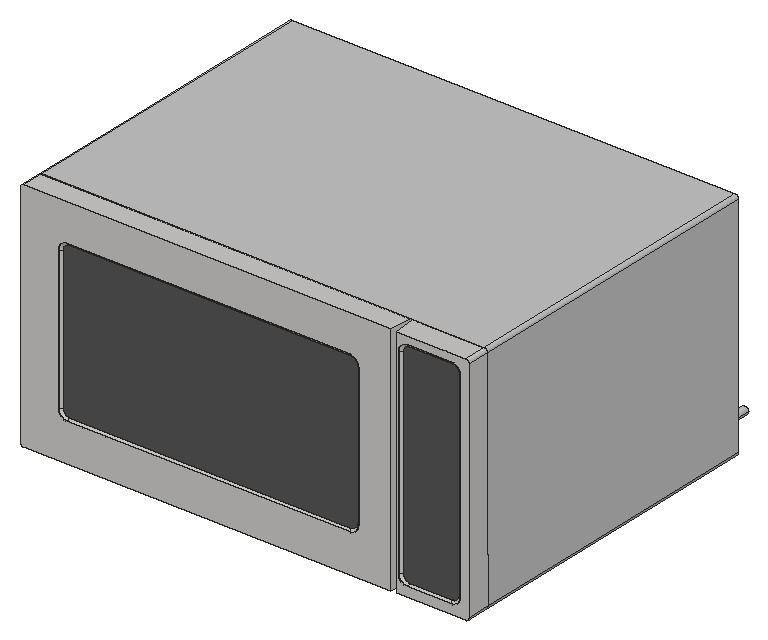
Revit family "FP_Revit_18_MO-24SS-3Y_Microwave_90000929A", category Specialty Equipment, Revit 2018
Family settings
  Round Connector Dimension = Use Diameter
  Part Type = Normal
  OmniClass Number = 23.40.40.14.17.31
  OmniClass Title = Small Specialized Cooking Equipment
  Work Plane-Based = No
  Always vertical = Yes
  Cut with Voids When Loaded = Yes
  Shared = No
  Room Calculation Point = No
Parameters
  Visibility - Clearance Required = yes
  URL = "www.fisherpaykel.com"
  Product - Width = 609 mm  # constant formula
  Product - Height = 340 mm  # constant formula
  Product - Depth = 485 mm  # constant formula
  Model = "MO-24SS-3Y"
  Material - Glass = Fisher & Paykel - Glass, Black
  Material - Front = Fisher & Paykel - Stainless Steel
  Material - Body = Fisher & Paykel - Grey
  Manufacturer = "Fisher & Paykel Appliances"
  FFL Offset [instance] = 860 mm
  Description = "24\" Microwave"
  Connector Note - Electrical = "120 V, 60 Hz, 15 A"
Reference planes
  plane 1 "Datum": y = 0
  plane 2: z = 0
  plane 3 "Center (Left/Right)": x = 0
  plane 4 "Top": z = 1200
  plane 5 "Product LHS": x = -304.5
  plane 6 "Product RHS": x = 304.5
  plane 7 "Product - Depth": y = 485
  plane 8 "FFL Offset": z = 860
  plane 9 "Base": z = 882.225
Forms (mm)
  Extrusion 1, solid, material "Fisher & Paykel - Stainless Steel" <- "Material - Front"
    sketch origin (0, 0, 0) x (1, 0, 0) y (0, 0, 1)
      loop
        arc (-299.5, 1200) -> (-303.036, 1198.536) -> (-304.5, 1195) r 5
        line (-304.5, 1195) -> (-304.5, 887.225)
        arc (-304.5, 887.225) -> (-303.036, 883.689) -> (-299.5, 882.225) r 5
        line (-299.5, 882.225) -> (299.5, 882.225)
        arc (299.5, 882.225) -> (303.036, 883.689) -> (304.5, 887.225) r 5
        line (304.5, 887.225) -> (304.5, 1195)
        arc (304.5, 1195) -> (303.036, 1198.536) -> (299.5, 1200) r 5
        line (299.5, 1200) -> (-299.5, 1200)
      loop
        arc (-240.72, 1149.623) -> (-249.205, 1146.109) -> (-252.72, 1137.623) r 12
        line (-252.72, 1137.623) -> (-252.72, 945.723)
        arc (-252.72, 945.723) -> (-249.205, 937.238) -> (-240.72, 933.723) r 12
        line (-240.72, 933.723) -> (141.68, 933.723)
        arc (141.68, 933.723) -> (150.165, 937.238) -> (153.68, 945.723) r 12
        line (153.68, 945.723) -> (153.68, 1137.623)
        arc (153.68, 1137.623) -> (150.165, 1146.109) -> (141.68, 1149.623) r 12
        line (141.68, 1149.623) -> (-240.72, 1149.623)
      loop
        arc (220.29, 1188.422) -> (211.805, 1184.907) -> (208.29, 1176.422) r 12
        line (208.29, 1176.422) -> (208.29, 906.925)
        arc (208.29, 906.925) -> (211.805, 898.44) -> (220.29, 894.925) r 12
        line (220.29, 894.925) -> (279.63, 894.925)
        arc (279.63, 894.925) -> (288.115, 898.44) -> (291.63, 906.925) r 12
        line (291.63, 906.925) -> (291.63, 1176.422)
        arc (291.63, 1176.422) -> (288.115, 1184.907) -> (279.63, 1188.422) r 12
        line (279.63, 1188.422) -> (220.29, 1188.422)
    from -30.162 to 0
  Extrusion 2, void
    sketch origin (0, 0, 0) x (1, 0, 0) y (0, 1, 0)
      loop
        line (200.353, 30.162) -> (197.714, 0) -> (206.166, 0) -> (203.528, 30.162) -> (200.353, 30.162)
    from 860 to 1200
  Extrusion 3, solid, material "Fisher & Paykel - Glass, Black" <- "Material - Glass"
    sketch origin (0, 0, 0) x (1, 0, 0) y (0, 0, 1)
      loop
        arc (-240.72, 1149.623) -> (-249.205, 1146.109) -> (-252.72, 1137.623) r 12
        line (-252.72, 1137.623) -> (-252.72, 945.723)
        arc (-252.72, 945.723) -> (-249.205, 937.238) -> (-240.72, 933.723) r 12
        line (-240.72, 933.723) -> (141.68, 933.723)
        arc (141.68, 933.723) -> (150.165, 937.238) -> (153.68, 945.723) r 12
        line (153.68, 945.723) -> (153.68, 1137.623)
        arc (153.68, 1137.623) -> (150.165, 1146.109) -> (141.68, 1149.623) r 12
        line (141.68, 1149.623) -> (-240.72, 1149.623)
      loop
        line (278.84, 1188.422) -> (220.29, 1188.422)
        arc (220.29, 1188.422) -> (211.805, 1184.907) -> (208.29, 1176.422) r 12
        line (208.29, 1176.422) -> (208.29, 906.925)
        arc (208.29, 906.925) -> (211.805, 898.44) -> (220.29, 894.925) r 12
        line (220.29, 894.925) -> (278.84, 894.925)
        arc (278.84, 894.925) -> (287.325, 898.44) -> (290.84, 906.925) r 12
        line (290.84, 906.925) -> (290.84, 1176.422)
        arc (290.84, 1176.422) -> (287.325, 1184.907) -> (278.84, 1188.422) r 12
    from -30.162 to -3.175
  Extrusion 4, solid, material "Fisher & Paykel - Grey" <- "Material - Body"
    sketch origin (0, 0, 0) x (1, 0, 0) y (0, 0, 1)
      loop
        arc (-299.5, 1200) -> (-303.036, 1198.536) -> (-304.5, 1195) r 5
        line (-304.5, 1195) -> (-304.5, 887.225)
        arc (-304.5, 887.225) -> (-303.036, 883.689) -> (-299.5, 882.225) r 5
        line (-299.5, 882.225) -> (299.5, 882.225)
        arc (299.5, 882.225) -> (303.036, 883.689) -> (304.5, 887.225) r 5
        line (304.5, 887.225) -> (304.5, 1195)
        arc (304.5, 1195) -> (303.036, 1198.536) -> (299.5, 1200) r 5
        line (299.5, 1200) -> (-299.5, 1200)
    from -455.232 to -30.162
  Extrusion 5, solid, material "Fisher & Paykel - Grey" <- "Material - Body"
    sketch origin (0, 0, 0) x (1, 0, 0) y (0, 1, 0)
      loop
        circle (-265.42, 93.98) r 6.002
      loop
        circle (-265.42, 385.445) r 6
      loop
        circle (231.447, 93.98) r 6.002
      loop
        circle (231.447, 385.445) r 6
    from 860 to 865.8
  Extrusion 6, solid, material "Fisher & Paykel - Grey" <- "Material - Body"
    sketch origin (0, 0, 0) x (1, 0, 0) y (0, 0, 1)
      loop
        line (96.984, 1120.391) -> (-211.264, 1120.391)
        arc (-211.264, 1120.391) -> (-212.678, 1119.805) -> (-213.264, 1118.391) r 2
        line (-213.264, 1118.391) -> (-213.264, 966.353)
        arc (-213.264, 966.353) -> (-212.678, 964.939) -> (-211.264, 964.353) r 2
        line (-211.264, 964.353) -> (96.984, 964.353)
        arc (96.984, 964.353) -> (98.398, 964.939) -> (98.984, 966.353) r 2
        line (98.984, 966.353) -> (98.984, 1118.391)
        arc (98.984, 1118.391) -> (98.398, 1119.805) -> (96.984, 1120.391) r 2
    from -485 to -455.232
  Extrusion 7, solid, material "Fisher & Paykel - Grey" <- "Material - Body"
    sketch origin (0, 0, 0) x (1, 0, 0) y (0, 0, 1)
      loop
        circle (289.33, 920.24) r 5
    from -485 to -455.232
  Extrusion 8, solid, material "Fisher & Paykel - Grey" <- "Material - Body"
    sketch origin (0, 0, 0) x (1, 0, 0) y (0, 1, 0)
      loop
        arc (-264.98, 403.987) -> (-278.402, 398.427) -> (-283.962, 385.005) r 18.982
        line (-283.962, 385.005) -> (-283.962, 94.438)
        arc (-283.962, 94.438) -> (-278.397, 81.003) -> (-264.962, 75.438) r 19
        line (-264.962, 75.438) -> (230.99, 75.438)
        arc (230.99, 75.438) -> (244.425, 81.003) -> (249.99, 94.438) r 19
        line (249.99, 94.438) -> (249.99, 384.987)
        arc (249.99, 384.987) -> (244.425, 398.422) -> (230.99, 403.987) r 19
        line (230.99, 403.987) -> (-264.98, 403.987)
    from 865.8 to 882.225
  Sweep 9, solid, material "Fisher & Paykel - Grey" <- "Material - Body", detail levels fine
    path in 3D
      loop
        arc (230.99, 403.987, 865.8) -> (244.425, 398.422, 865.8) -> (249.99, 384.987, 865.8) r 19
        line (249.99, 384.987, 865.8) -> (249.99, 94.438, 865.8)
        arc (249.99, 94.438, 865.8) -> (244.425, 81.003, 865.8) -> (230.99, 75.438, 865.8) r 19
        line (230.99, 75.438, 865.8) -> (-264.962, 75.438, 865.8)
        arc (-264.962, 75.438, 865.8) -> (-278.397, 81.003, 865.8) -> (-283.962, 94.438, 865.8) r 19
        line (-283.962, 94.438, 865.8) -> (-283.962, 385.005, 865.8)
        arc (-283.962, 385.005, 865.8) -> (-278.402, 398.427, 865.8) -> (-264.98, 403.987, 865.8) r 18.982
        line (-264.98, 403.987, 865.8) -> (230.99, 403.987, 865.8)
    profile origin (-16.995, 403.987, 865.8) x (0, -1, 0) y (0, 0, -1)
      loop
        line (0, 0) -> (-16.383, -16.383) -> (0, -16.383) -> (0, 0)
  Sweep 10, solid, material "Fisher & Paykel - Grey" <- "Material - Body", detail levels fine
    path in 3D
      loop
        arc (98.984, 485, 966.353) -> (98.398, 485, 964.939) -> (96.984, 485, 964.353) r 2
        line (96.984, 485, 964.353) -> (-211.264, 485, 964.353)
        arc (-211.264, 485, 964.353) -> (-212.678, 485, 964.939) -> (-213.264, 485, 966.353) r 2
        line (-213.264, 485, 966.353) -> (-213.264, 485, 1118.391)
        arc (-213.264, 485, 1118.391) -> (-212.678, 485, 1119.805) -> (-211.264, 485, 1120.391) r 2
        line (-211.264, 485, 1120.391) -> (96.984, 485, 1120.391)
        arc (96.984, 485, 1120.391) -> (98.398, 485, 1119.805) -> (98.984, 485, 1118.391) r 2
        line (98.984, 485, 1118.391) -> (98.984, 485, 966.353)
    profile origin (98.984, 485, 1042.372) x (1, 0, 0) y (0, 1, 0)
      loop
        line (0, 0) -> (0, -29.768) -> (29.768, -29.768) -> (0, 0)
  Extrusion 11, solid, material "Fisher & Paykel - Grey" <- "Material - Body"
    sketch origin (0, 0, 0) x (0, 1, 0) y (0, 0, 1)
      loop
        line (455.232, 1161.122) -> (455.232, 1126.122) -> (485, 1126.122) -> (485, 1144.088) -> (472.394, 1144.088) -> (462.231, 1161.122) -> (455.232, 1161.122)
    from 198.54 to 223.54
  Extrusion 12, solid, material "Fisher & Paykel - Grey" <- "Material - Body"
    sketch origin (0, 0, 0) x (1, 0, 0) y (0, 1, 0)
      loop
        circle (211.04, 463.813) r 4.95
    from 1021.1 to 1126.122
  Extrusion 13, void
    sketch origin (0, 0, 0) x (1, 0, 0) y (0, 1, 0)
      loop
        line (-304.5, 485) -> (-304.5, 0) -> (304.5, 0) -> (304.5, 485) -> (-304.5, 485)
    from 860 to 1200
  Sweep 14, solid, material "Fisher & Paykel - Stainless Steel" <- "Material - Front", detail levels fine
    path in 3D
      loop
        arc (-252.72, 0, 1137.623) -> (-249.205, 0, 1146.109) -> (-240.72, 0, 1149.623) r 12
        line (-240.72, 0, 1149.623) -> (141.68, 0, 1149.623)
        arc (141.68, 0, 1149.623) -> (150.165, 0, 1146.109) -> (153.68, 0, 1137.623) r 12
        line (153.68, 0, 1137.623) -> (153.68, 0, 945.723)
        arc (153.68, 0, 945.723) -> (150.165, 0, 937.238) -> (141.68, 0, 933.723) r 12
        line (141.68, 0, 933.723) -> (-240.72, 0, 933.723)
        arc (-240.72, 0, 933.723) -> (-249.205, 0, 937.238) -> (-252.72, 0, 945.723) r 12
        line (-252.72, 0, 945.723) -> (-252.72, 0, 1137.623)
    profile origin (-252.72, 0, 1041.673) x (0, -1, 0) y (1, 0, 0)
      loop
        line (0, 0) -> (-3.175, 3.175) -> (-3.175, 0) -> (0, 0)
  Sweep 15, solid, material "Fisher & Paykel - Stainless Steel" <- "Material - Front", detail levels fine
    path in 3D
      loop
        arc (208.29, 0, 1176.422) -> (211.805, 0, 1184.907) -> (220.29, 0, 1188.422) r 12
        line (220.29, 0, 1188.422) -> (279.63, 0, 1188.422)
        arc (279.63, 0, 1188.422) -> (288.115, 0, 1184.907) -> (291.63, 0, 1176.422) r 12
        line (291.63, 0, 1176.422) -> (291.63, 0, 906.925)
        arc (291.63, 0, 906.925) -> (288.115, 0, 898.44) -> (279.63, 0, 894.925) r 12
        line (279.63, 0, 894.925) -> (220.29, 0, 894.925)
        arc (220.29, 0, 894.925) -> (211.805, 0, 898.44) -> (208.29, 0, 906.925) r 12
        line (208.29, 0, 906.925) -> (208.29, 0, 1176.422)
    profile origin (208.29, 0, 1041.673) x (0, -1, 0) y (1, 0, 0)
      loop
        line (0, 0) -> (-3.175, 3.175) -> (-3.175, 0) -> (0, 0)
Cuts and joins
  joined: Extrusion 6, Extrusion 8
  Extrusion 2 cuts Extrusion 1
Lines and regions (mm)
  sketch lines
    curve 1: line (-264.98, 403.987, 865.8) -> (230.99, 403.987, 865.8)
    curve 2: arc (-264.98, 403.987, 865.8) -> (-278.402, 398.427, 865.8) -> (-283.962, 385.005, 865.8) r 18.982
    curve 3: line (-283.962, 94.438, 865.8) -> (-283.962, 385.005, 865.8)
    curve 4: arc (-283.962, 94.438, 865.8) -> (-278.397, 81.003, 865.8) -> (-264.962, 75.438, 865.8) r 19
    curve 5: line (230.99, 75.438, 865.8) -> (-264.962, 75.438, 865.8)
    curve 6: arc (230.99, 75.438, 865.8) -> (244.425, 81.003, 865.8) -> (249.99, 94.438, 865.8) r 19
    curve 7: line (249.99, 384.987, 865.8) -> (249.99, 94.438, 865.8)
    curve 8: arc (249.99, 384.987, 865.8) -> (244.425, 398.422, 865.8) -> (230.99, 403.987, 865.8) r 19
    curve 9: line (98.984, 485, 1118.391) -> (98.984, 485, 966.353)
    curve 10: line (96.984, 485, 964.353) -> (-211.264, 485, 964.353)
    curve 11: arc (96.984, 485, 964.353) -> (98.398, 485, 964.939) -> (98.984, 485, 966.353) r 2
    curve 12: arc (-213.264, 485, 966.353) -> (-212.678, 485, 964.939) -> (-211.264, 485, 964.353) r 2
    curve 13: line (-213.264, 485, 966.353) -> (-213.264, 485, 1118.391)
    curve 14: arc (-211.264, 485, 1120.391) -> (-212.678, 485, 1119.805) -> (-213.264, 485, 1118.391) r 2
    curve 15: line (-211.264, 485, 1120.391) -> (96.984, 485, 1120.391)
    curve 16: arc (98.984, 485, 1118.391) -> (98.398, 485, 1119.805) -> (96.984, 485, 1120.391) r 2
    curve 17: line (-252.72, 0, 945.723) -> (-252.72, 0, 1137.623)
    curve 18: arc (-240.72, 0, 1149.623) -> (-249.205, 0, 1146.109) -> (-252.72, 0, 1137.623) r 12
    curve 19: line (-240.72, 0, 1149.623) -> (141.68, 0, 1149.623)
    curve 20: arc (153.68, 0, 1137.623) -> (150.165, 0, 1146.109) -> (141.68, 0, 1149.623) r 12
    curve 21: line (153.68, 0, 1137.623) -> (153.68, 0, 945.723)
    curve 22: arc (141.68, 0, 933.723) -> (150.165, 0, 937.238) -> (153.68, 0, 945.723) r 12
    curve 23: line (141.68, 0, 933.723) -> (-240.72, 0, 933.723)
    curve 24: arc (-252.72, 0, 945.723) -> (-249.205, 0, 937.238) -> (-240.72, 0, 933.723) r 12
    curve 25: line (208.29, 0, 906.925) -> (208.29, 0, 1176.422)
    curve 26: arc (220.29, 0, 1188.422) -> (211.805, 0, 1184.907) -> (208.29, 0, 1176.422) r 12
    curve 27: line (220.29, 0, 1188.422) -> (279.63, 0, 1188.422)
    curve 28: arc (291.63, 0, 1176.422) -> (288.115, 0, 1184.907) -> (279.63, 0, 1188.422) r 12
    curve 29: line (291.63, 0, 1176.422) -> (291.63, 0, 906.925)
    curve 30: arc (279.63, 0, 894.925) -> (288.115, 0, 898.44) -> (291.63, 0, 906.925) r 12
    curve 31: line (279.63, 0, 894.925) -> (220.29, 0, 894.925)
    curve 32: arc (208.29, 0, 906.925) -> (211.805, 0, 898.44) -> (220.29, 0, 894.925) r 12
Text (mm)
  text "Due to ongoing product development, product details are subject to change without notice. \nPlease always refer to www.fisherpaykel.com for the most current product information. \n© Fisher & Paykel 2020" at (41.04, -230.14, 0), in view "Ref. Level (Plan)"
Dimensions and locks
  equal spacing: plane 5 "Product LHS", plane 3 "Center (Left/Right)", plane 6 "Product RHS"
  "Product - Width": plane 5 "Product LHS" to plane 6 "Product RHS"
  "Product - Depth": plane 1 "Datum" to plane 7 "Product - Depth"
  "FFL Offset": plane 8 "FFL Offset" to level
  locked: cut or joined group of Extrusion 6, Extrusion 8 to plane 8 "FFL Offset" at 104.353
  locked: plane 8 "FFL Offset" to cut or joined group of Extrusion 6, Extrusion 8 at 5.8
  locked: plane 8 "FFL Offset" to Extrusion 7 sketch curve at 60.24
  locked: Extrusion 12 to plane 8 "FFL Offset" at 161.1
  "Product - Height": plane 4 "Top" to plane 8 "FFL Offset"
  locked: plane 8 "FFL Offset" to plane 9 "Base" at 22.225
  locked: Extrusion 11 to plane 8 "FFL Offset" at 266.122
  plane 9 "Base" to cut or joined group of Extrusion 6, Extrusion 8 = 0 mm
  aligned and locked: level to plane 2
  aligned and locked: Extrusion 1 sketch curve to plane 5 "Product LHS"
  aligned and locked: plane 6 "Product RHS" to Extrusion 1 sketch curve
  aligned and locked: Extrusion 7 to plane 7 "Product - Depth"
  aligned and locked: Extrusion 5 to cut or joined group of Extrusion 6, Extrusion 8
  aligned and locked: Extrusion 1 sketch curve to plane 4 "Top"
  aligned and locked: Extrusion 1 sketch curve to plane 9 "Base"
  aligned and locked: plane 4 "Top" to Extrusion 2
  aligned and locked: Extrusion 5 to Extrusion 2
  aligned and locked: Extrusion 12 to Extrusion 11
  aligned and locked: Extrusion 5 to plane 8 "FFL Offset"
  aligned and locked: Extrusion 4 sketch curve to plane 9 "Base"
  aligned and locked: Extrusion 8 to Extrusion 4
  aligned and locked: Extrusion 3 sketch curve to cut or joined group of Extrusion 1, Extrusion 2
  aligned and locked: cut or joined group of Extrusion 1, Extrusion 2 to Extrusion 3 sketch curve
  aligned and locked: plane 4 "Top" to Extrusion 13
  aligned and locked: Extrusion 13 to Extrusion 5
  aligned and locked: Sweep 14 sketch curve to Extrusion 3
  aligned and locked: Extrusion 3 to Sweep 15 sketch curve
Automatic sketch dimensions
  plane 1 "Datum" to Extrusion 2 sketch curve = 0 mm
  plane 6 "Product RHS" to Extrusion 2 sketch curve = 106.786 mm
  Extrusion 2 sketch curve to plane 1 "Datum" = 30.162 mm
  Extrusion 2 sketch curve to Extrusion 2 sketch curve = 2.639 mm
  Extrusion 2 sketch curve to Extrusion 2 sketch curve = 3.175 mm
  Extrusion 2 sketch curve to Extrusion 2 sketch curve = 8.453 mm
  Extrusion 8 sketch curve to plane 5 "Product LHS" = 20.538 mm
  Extrusion 8 sketch curve to Extrusion 8 sketch curve = 18.982 mm
  Extrusion 8 sketch curve to Extrusion 8 sketch curve = 19 mm  (x2)
  plane 6 "Product RHS" to Extrusion 8 sketch curve = 73.51 mm  (x2)
  Extrusion 8 sketch curve to plane 1 "Datum" = 75.438 mm
  Extrusion 8 sketch curve to plane 7 "Product - Depth" = 100.013 mm
  Extrusion 5 sketch curve to plane 5 "Product LHS" = 39.08 mm  (x2)
  plane 6 "Product RHS" to Extrusion 5 sketch curve = 73.053 mm  (x2)
  Extrusion 5 sketch curve to plane 1 "Datum" = 93.98 mm  (x2)
  Extrusion 5 sketch curve to plane 7 "Product - Depth" = 99.555 mm  (x2)
  Extrusion 6 sketch curve to plane 5 "Product LHS" = 91.236 mm
  Extrusion 6 sketch curve to Extrusion 6 sketch curve = 2 mm  (x3)
  plane 3 "Center (Left/Right)" to Extrusion 6 sketch curve = 96.984 mm  (x2)
  level to Extrusion 6 sketch curve = 964.353 mm
  Extrusion 6 sketch curve to plane 4 "Top" = 81.609 mm
  Sweep 9 sketch curve to profile plane = 0 mm
  profile plane to Sweep 9 sketch curve = 0 mm
  profile plane to Sweep 9 sketch curve = 16.383 mm
  Sweep 9 sketch curve to profile plane = 16.383 mm
  Sweep 10 sketch curve to profile plane = 0 mm
  profile plane to Sweep 10 sketch curve = 0 mm
  profile plane to Sweep 10 sketch curve = 29.768 mm  (x2)
  Extrusion 11 sketch curve to plane 7 "Product - Depth" = 0 mm
  Extrusion 11 sketch curve to Extrusion 11 sketch curve = 12.606 mm
  Extrusion 11 sketch curve to Extrusion 11 sketch curve = 10.162 mm
  Extrusion 11 sketch curve to Extrusion 11 sketch curve = 7 mm
  Extrusion 11 sketch curve to plane 4 "Top" = 73.878 mm
  Extrusion 11 sketch curve to Extrusion 11 sketch curve = 17.966 mm
  Extrusion 11 sketch curve to Extrusion 11 sketch curve = 17.034 mm
  Extrusion 12 sketch curve to plane 7 "Product - Depth" = 21.187 mm
  plane 6 "Product RHS" to Extrusion 12 sketch curve = 93.46 mm
  plane 6 "Product RHS" to Extrusion 7 sketch curve = 15.17 mm
  plane 1 "Datum" to Extrusion 13 sketch curve = 0 mm
  Extrusion 13 sketch curve to plane 5 "Product LHS" = 0 mm
  Extrusion 13 sketch curve to plane 6 "Product RHS" = 0 mm
  Extrusion 13 sketch curve to plane 7 "Product - Depth" = 0 mm
  Extrusion 1 sketch curve to plane 5 "Product LHS" = 5 mm  (x2)
  Extrusion 1 sketch curve to plane 5 "Product LHS" = 51.78 mm
  Extrusion 1 sketch curve to Extrusion 1 sketch curve = 12 mm  (x5)
  Extrusion 1 sketch curve to plane 4 "Top" = 50.377 mm
  plane 3 "Center (Left/Right)" to Extrusion 1 sketch curve = 141.68 mm  (x2)
  Extrusion 1 sketch curve to plane 4 "Top" = 23.578 mm
  Extrusion 1 sketch curve to Extrusion 1 sketch curve = 54.61 mm
  Extrusion 1 sketch curve to plane 4 "Top" = 11.578 mm
  Extrusion 1 sketch curve to plane 9 "Base" = 12.7 mm
  plane 6 "Product RHS" to Extrusion 1 sketch curve = 24.87 mm  (x2)
  plane 6 "Product RHS" to Extrusion 1 sketch curve = 5 mm  (x2)
  Extrusion 1 sketch curve to plane 9 "Base" = 51.498 mm
  plane 5 "Product LHS" to Extrusion 4 sketch curve = 0 mm
  Extrusion 4 sketch curve to plane 4 "Top" = 0 mm
  plane 6 "Product RHS" to Extrusion 4 sketch curve = 0 mm
  Extrusion 4 sketch curve to plane 5 "Product LHS" = 5 mm  (x2)
  Extrusion 4 sketch curve to Extrusion 4 sketch curve = 5 mm
  plane 6 "Product RHS" to Extrusion 4 sketch curve = 5 mm
  Extrusion 3 sketch curve to plane 5 "Product LHS" = 51.78 mm
  Extrusion 3 sketch curve to Extrusion 3 sketch curve = 12 mm  (x5)
  Extrusion 3 sketch curve to plane 9 "Base" = 63.498 mm
  plane 3 "Center (Left/Right)" to Extrusion 3 sketch curve = 141.68 mm
  Extrusion 3 sketch curve to plane 4 "Top" = 23.578 mm
  Extrusion 3 sketch curve to Extrusion 3 sketch curve = 54.61 mm
  Extrusion 3 sketch curve to plane 4 "Top" = 11.578 mm
  plane 6 "Product RHS" to Extrusion 3 sketch curve = 25.66 mm  (x2)
  Extrusion 3 sketch curve to plane 4 "Top" = 62.377 mm
  Sweep 14 sketch curve to profile plane = 0 mm  (x2)
  profile plane to Sweep 14 sketch curve = 3.175 mm
  Sweep 15 sketch curve to profile plane = 0 mm  (x2)
  profile plane to Sweep 15 sketch curve = 3.175 mm
  radius of Extrusion 7 sketch curve = 5 mm
  radius of Extrusion 5 sketch curve = 6.002 mm  (x2)
  radius of Extrusion 5 sketch curve = 6 mm  (x2)
  radius of Extrusion 12 sketch curve = 4.95 mm
Connectors
  electrical at (289.33, 485, 920.24), driven by "Connector Note - Electrical"
    settings: on Extrusion 7, index 1, voltage 120 V, apparent load 0 VA, apparent load phase1 0 VA, apparent load phase2 0 VA, apparent load phase3 0 VA, power factor 1, load classification "Other", number of poles 1, system type 30, power factor state 1, is connector primary yes, connector utility no, sub classification motor no, connector description "120 V, 60 Hz, 15 A"
